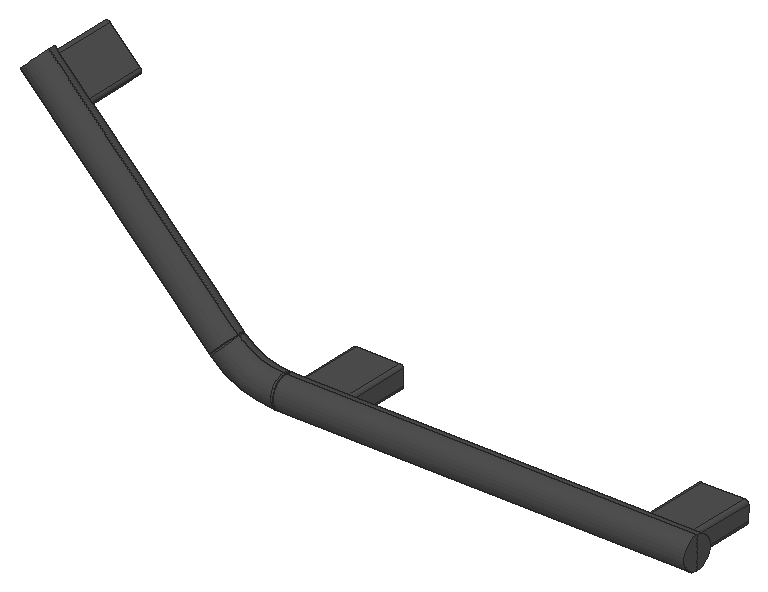
Revit family "Reece_Accessory_Mizu_Drift_Grab Rail_Angled", category Plumbing Fixtures, Revit 2018
Family settings
  Round Connector Dimension = Use Diameter
  Part Type = Normal
  Work Plane-Based = Yes
  Always vertical = Yes
  Cut with Voids When Loaded = Yes
  Shared = Yes
  Room Calculation Point = Yes
Parameters (values of type "Right_Matte Black")
  URL = "https://www.reece.com.au/product/-2218612"
  Type Comments = "Accessory"
  Reece_Right = yes
  Reece_Product_Web Page = "https://www.reece.com.au/product/-2218612"
  Reece_Product_Type = "Accessory"  # constant formula
  Reece_Product_Sub Brand = "Drift"  # constant formula
  Reece_Product_Number = "2218612"
  Reece_Product_Mount = "Wall Mounted"  # constant formula
  Reece_Product_Description = "Mizu Drift Assisted Living Angled Grab Rail Right 260mm x 346mm 135 Degree Matte Black"
  Reece_Product_Brand = "Mizu"  # constant formula
  Reece_Overall_Projection = 91 mm  # constant formula
  Reece_Overall_Length = 672 mm  # constant formula
  Reece_Overall_Height_Right = 240 mm  # constant formula
  Reece_Overall_Height_Left = 241 mm  # constant formula
  Reece_Overall_Diameter = 32 mm  # constant formula
  Reece_Material_Main = Reece_Brass_Matte Black
  Reece_Left = not(Reece_Right)  # no
  Reece_Height_From_Level [instance] = 800 mm
  Reece_Fixing_Points = 191 mm  # constant formula
  Reece_Detail_Shape = ""
  Reece_Detail_Installation = ""
  Reece_Detail_Disclaimer = "THIS FILE IS THE PROPERTY OF THE REECE GROUP. IT MAY NOT BE REPRODUCED, REVERSE-ENGINEERED, OR MODIFIED. ANY REPUBLICATION, TRANSMISSION, OR DISTRIBUTION FOR THE PURPOSE OF COMMERCIALLY EXPLOITING THE FILES IS PROHIBITED."  # constant formula
  Reece_Detail_Connector = ""
  Reece_Detail_Additional = ""
  Model = "Drift"
  Manufacturer = "Mizu"
  Keynote = "Product #2218612, Reece_Accessory_Mizu_Drift_Grab Rail_Angled - Right_Matte Black"
  Disclaimer = "THIS FILE IS THE PROPERTY OF THE REECE GROUP. IT MAY NOT BE REPRODUCED, REVERSE-ENGINEERED, OR MODIFIED. ANY REPUBLICATION, TRANSMISSION, OR DISTRIBUTION FOR THE PURPOSE OF COMMERCIALLY EXPLOITING THE FILES IS PROHIBITED."  # constant formula
  Description = "Mizu Drift Assisted Living Angled Grab Rail Right 260mm x 346mm 135 Degree Matte Black"
  Default Elevation = 0 mm
Types (7, lengths in mm): name | URL | Reece_Right | Reece_Product_Web Page | Reece_Product_Number | Reece_Product_Description | Reece_Material_Main | Reece_Left | Keynote | Description
  (no name) | "https://www.reece.com.au/product/-2265146" | no | "https://www.reece.com.au/product/-2265146" | "2265146" | "Mizu Drift Assisted Living Angled Grab Rail Left 260mm x 346mm 135 Degree Brushed Nickel" | Reece_Brass_Brushed Nickel | yes | "Product #2265146, Reece_Accessory_Mizu_Drift_Grab Rail_Angled -  " | "Mizu Drift Assisted Living Angled Grab Rail Left 260mm x 346mm 135 Degree Brushed Nickel"
  Right_Chrome | "https://www.reece.com.au/product/-2218611" | yes | "https://www.reece.com.au/product/-2218611" | "2218611" | "Mizu Drift Assisted Living Angled Grab Rail Right 260mm x 346mm 135 Degree Chrome Plated" | Reece_Brass_Chrome | no | "Product #2218611, Reece_Accessory_Mizu_Drift_Grab Rail_Angled - Right_Chrome" | "Mizu Drift Assisted Living Angled Grab Rail Right 260mm x 346mm 135 Degree Chrome Plated"
  Right_Matte Black | "https://www.reece.com.au/product/-2218612" | yes | "https://www.reece.com.au/product/-2218612" | "2218612" | "Mizu Drift Assisted Living Angled Grab Rail Right 260mm x 346mm 135 Degree Matte Black" | Reece_Brass_Matte Black | no | "Product #2218612, Reece_Accessory_Mizu_Drift_Grab Rail_Angled - Right_Matte Black" | "Mizu Drift Assisted Living Angled Grab Rail Right 260mm x 346mm 135 Degree Matte Black"
  Left_Chrome | "https://www.reece.com.au/product/-2218613" | no | "https://www.reece.com.au/product/-2218613" | "2218613" | "Mizu Drift Assisted Living Angled Grab Rail Left 260mm x 346mm 135 Degree Chrome Plated" | Reece_Brass_Chrome | yes | "Product #2218613, Reece_Accessory_Mizu_Drift_Grab Rail_Angled - Left_Chrome" | "Mizu Drift Assisted Living Angled Grab Rail Left 260mm x 346mm 135 Degree Chrome Plated"
  Left_Matte Black | "https://www.reece.com.au/product/-2218614" | no | "https://www.reece.com.au/product/-2218614" | "2218614" | "Mizu Drift Assisted Living Angled Grab Rail Left 260mm x 346mm 135 Degree Matte Black" | Reece_Brass_Matte Black | yes | "Product #2218614, Reece_Accessory_Mizu_Drift_Grab Rail_Angled - Left_Matte Black" | "Mizu Drift Assisted Living Angled Grab Rail Left 260mm x 346mm 135 Degree Matte Black"
  Left_Brushed Nickel | "https://www.reece.com.au/product/-2265146" | no | "https://www.reece.com.au/product/-2265146" | "2265146" | "Mizu Drift Assisted Living Angled Grab Rail Left 260mm x 346mm 135 Degree Brushed Nickel" | Reece_Brass_Brushed Nickel | yes | "Product #2265146, Reece_Accessory_Mizu_Drift_Grab Rail_Angled - Left_Brushed Nickel" | "Mizu Drift Assisted Living Angled Grab Rail Left 260mm x 346mm 135 Degree Brushed Nickel"
  Right_Brushed Nickel | "https://www.reece.com.au/product/-2265147" | yes | "https://www.reece.com.au/product/-2265147" | "2265147" | "Mizu Drift Assisted Living Angled Grab Rail Right 260mm x 346mm 135 Degree Brushed Nickel" | Reece_Brass_Brushed Nickel | no | "Product #2265147, Reece_Accessory_Mizu_Drift_Grab Rail_Angled - Right_Brushed Nickel" | "Mizu Drift Assisted Living Angled Grab Rail Right 260mm x 346mm 135 Degree Brushed Nickel"
Reference planes
  plane 1 "Center (Front/Back)": y = 0
  plane 2 "Height From Floor": z = 800
  plane 3 "Center (Left/Right)": x = 0
  plane 4 "Bottom Of Invisible Line": z = -5
  plane 5: y = -91
  plane 6: z = 784
  plane 7: x = -465.958
  plane 8: x = 466
  plane 9: x = -173
  plane 10: x = 173
  plane 11: z = 991
  plane 12: x = -433
  plane 13: x = 433
  plane 14: z = 1024
  plane 15 "Main Rail": y = -74.5
  plane 16: z = 1025
Forms (mm)
  Revolve 1, solid, material "Reece_Brass_Matte Black" <- "Reece_Material_Main"
    sketch origin (-169, -74.5, 0) x (1, 0, 0) y (0, 0, -1)
      loop
        line (375.042, -816) -> (375.042, -800) -> (-37, -800) -> (-37, -816) -> (375.042, -816)
      axis (-37, -800) -> (375.042, -800)
    angle from 0 to 360
  Extrusion 2, solid, material "Reece_Brass_Matte Black" <- "Reece_Material_Main"
    sketch origin (-2198, -75, 1200) x (0, 0, -1) y (-1, 0, 0)
      loop
        line (411.5, -2046.5) -> (411.5, -2003.5)
        arc (411.5, -2003.5) -> (410.475, -2001.025) -> (408, -2000) r 3.5
        line (408, -2000) -> (392, -2000)
        arc (392, -2000) -> (389.525, -2001.025) -> (388.5, -2003.5) r 3.5
        line (388.5, -2003.5) -> (388.5, -2046.5)
        arc (388.5, -2046.5) -> (389.525, -2048.975) -> (392, -2050) r 3.5
        line (392, -2050) -> (408, -2050)
        arc (408, -2050) -> (410.475, -2048.975) -> (411.5, -2046.5) r 3.5
    from 1.5 to 75
  Extrusion 3, solid, material "Reece_Brass_Matte Black" <- "Reece_Material_Main"
    sketch origin (-1849, -75, 1200) x (0, 0, -1) y (-1, 0, 0)
      loop
        line (411.5, -2043.5) -> (411.5, -2000.5)
        arc (411.5, -2000.5) -> (410.475, -1998.025) -> (408, -1997) r 3.5
        line (408, -1997) -> (392, -1997)
        arc (392, -1997) -> (389.525, -1998.025) -> (388.5, -2000.5) r 3.5
        line (388.5, -2000.5) -> (388.5, -2043.5)
        arc (388.5, -2043.5) -> (389.525, -2045.975) -> (392, -2047) r 3.5
        line (392, -2047) -> (408, -2047)
        arc (408, -2047) -> (410.475, -2045.975) -> (411.5, -2043.5) r 3.5
    from 1.5 to 75
  Sweep 4, solid, material "Reece_Brass_Matte Black" <- "Reece_Material_Main", visible <- "Reece_Left"
    path origin (224.542, -74.5, -0.338) x (0.999015, 0, 0.044381) y (0.044381, 0, -0.999015)
      loop
        arc (76.039, -820.848) -> (75.726, -820.564) -> (75.411, -820.283) r 50
        arc (75.411, -820.283) -> (49.082, -804.786) -> (18.863, -800.289) r 80
        line (18.863, -800.289) -> (17.038, -800.37)
    profile origin (263.776, -74.5, 822.779) x (-0.701109, 0, 0.713054) y (0, 1, 0)
      loop
        circle (0, 0) r 16
  Extrusion 5, solid, material "Reece_Brass_Matte Black" <- "Reece_Material_Main", visible <- "Reece_Left"
    sketch origin (1863.304, -75, 2606.151) x (0.707107, 0, -0.707107) y (-0.707107, 0, -0.707107)
      loop
        arc (141.17, 2173.83) -> (140.145, 2176.305) -> (137.67, 2177.33) r 3.5
        line (137.67, 2177.33) -> (121.67, 2177.33)
        arc (121.67, 2177.33) -> (119.195, 2176.305) -> (118.17, 2173.83) r 3.5
        line (118.17, 2173.83) -> (118.17, 2130.83)
        arc (118.17, 2130.83) -> (119.195, 2128.355) -> (121.67, 2127.33) r 3.5
        line (121.67, 2127.33) -> (137.67, 2127.33)
        arc (137.67, 2127.33) -> (140.145, 2128.355) -> (141.17, 2130.83) r 3.5
        line (141.17, 2130.83) -> (141.17, 2173.83)
    from 1.5 to 75
  Sweep 6, solid, material "Reece_Brass_Matte Black" <- "Reece_Material_Main", visible <- "Reece_Right"
    path origin (-225.542, -74.5, -0.338) x (-0.999015, 0, 0.044381) y (0.044381, 0, 0.999015)
      loop
        arc (76.023, 820.865) -> (75.222, 820.148) -> (74.406, 819.449) r 50
        arc (74.406, 819.449) -> (47.996, 804.592) -> (17.995, 800.328) r 82.104
        line (17.995, 800.328) -> (15.997, 800.416)
    profile origin (-237.782, -74.5, 805.592) x (-0.362736, 0, -0.931892) y (0, 1, 0)
      loop
        circle (0, 0) r 16
  Extrusion 7, solid, material "Reece_Brass_Matte Black" <- "Reece_Material_Main", visible <- "Reece_Right"
    sketch origin (-1864.304, -75, 2606.151) x (-0.707107, 0, -0.707107) y (-0.707107, 0, 0.707107)
      loop
        line (141.5, -2173.5) -> (141.5, -2130.5)
        arc (141.5, -2130.5) -> (140.475, -2128.025) -> (138, -2127) r 3.5
        line (138, -2127) -> (122, -2127)
        arc (122, -2127) -> (119.525, -2128.025) -> (118.5, -2130.5) r 3.5
        line (118.5, -2130.5) -> (118.5, -2173.5)
        arc (118.5, -2173.5) -> (119.525, -2175.975) -> (122, -2177) r 3.5
        line (122, -2177) -> (138, -2177)
        arc (138, -2177) -> (140.475, -2175.975) -> (141.5, -2173.5) r 3.5
    from 1.5 to 75
  Revolve 8, solid, material "Reece_Brass_Matte Black" <- "Reece_Material_Main", visible <- "Reece_Right"
    sketch origin (-168, -74.5, 0) x (1, 0, 0) y (0, 0, -1)
      loop
        line (-85.746, -834.407) -> (-97.059, -823.093) -> (-286.644, -1012.678) -> (-275.331, -1023.992) -> (-85.746, -834.407)
      axis (-286.644, -1012.678) -> (-97.059, -823.093)
    angle from 0 to 360
  Revolve 9, solid, material "Reece_Brass_Matte Black" <- "Reece_Material_Main", visible <- "Reece_Left"
    sketch origin (-730.663, -74.5, 691.754) x (-0.707107, 0, -0.707107) y (-0.707107, 0, 0.707107)
      loop
        line (-1065.81, -610.528) -> (-796.246, -610.528) -> (-796.246, -594.528) -> (-1065.81, -594.528) -> (-1065.81, -610.528)
      axis (-1065.81, -610.528) -> (-796.246, -610.528)
    angle from 0 to 360
Cuts and joins
  joined: Revolve 1, Extrusion 2, Extrusion 3
  joined: Extrusion 5, Revolve 9
  joined: Extrusion 7, Revolve 8
Lines and regions (mm)
  model lines, style "InvisibleLines"
    curve 1: line (0, 0, -5) -> (0, 0, 800)
Text (mm)
  text "Reece ©" at (2748.749, -2552.312, 2715.752), in view "Reece Preview"
  text "Reece ©" at (1631.025, -1085.127, -1020.679), in view "Ref. Level"
Dimensions and locks
  locked: level to plane 4 "Bottom Of Invisible Line" at 5
  "Reece_Height_From_Level": plane 2 "Height From Floor" to level
  "Reece_Overall_Projection": plane 5 to plane 1 "Center (Front/Back)"
  locked: plane 6 to plane 2 "Height From Floor" at 16
  equal spacing: plane 10, plane 3 "Center (Left/Right)", plane 9  (x2)
  plane 13 to plane 10 to plane 9 to plane 12 = 260 mm, 346 mm, 260 mm  (x2)
  "Reece_Overall_Height_Right": plane 14 to plane 6
  "Reece_Overall_Projection": plane 1 "Center (Front/Back)" to plane 5
  "Reece_Overall_Length": cut or joined group of Revolve 1, Extrusion 2, Extrusion 3 to plane 7
  "Reece_Fixing_Points": plane 11 to plane 2 "Height From Floor"
  "Reece_Overall_Height_Left": plane 16 to plane 6
  "Reece_Overall_Length": plane 8 to Sweep 6
  plane 16 to plane 2 "Height From Floor" = 225 mm
  aligned and locked: Revolve 1 sketch curve to Revolve 1 sketch curve
  aligned and locked: cut or joined group of Revolve 1, Extrusion 2, Extrusion 3 to Sweep 6 sketch curve
Automatic sketch dimensions
  curve 1 to plane 2 "Height From Floor" = 0 mm
  curve 1 to plane 3 "Center (Left/Right)" = 0 mm
  curve 1 to plane 4 "Bottom Of Invisible Line" = 0 mm
  Revolve 1 sketch curve to plane 2 "Height From Floor" = 0 mm
  plane 2 "Height From Floor" to Revolve 1 sketch curve = 16 mm
  Revolve 1 sketch curve to plane 9 = 33 mm
  Revolve 1 sketch curve to plane 10 = 33.042 mm
  Revolve 1 sketch curve to Revolve 1 sketch curve = 2 mm
  Revolve 1 sketch curve to Revolve 1 sketch curve = 0.958 mm
  plane 2 "Height From Floor" to Extrusion 2 sketch curve = 11.5 mm
  Extrusion 2 sketch curve to Extrusion 2 sketch curve = 3.5 mm  (x3)
  Extrusion 2 sketch curve to plane 2 "Height From Floor" = 8 mm  (x2)
  plane 9 to Extrusion 2 sketch curve = 25 mm
  Extrusion 2 sketch curve to plane 9 = 21.5 mm
  plane 2 "Height From Floor" to Extrusion 3 sketch curve = 11.5 mm
  Extrusion 3 sketch curve to Extrusion 3 sketch curve = 3.5 mm  (x3)
  Extrusion 3 sketch curve to plane 2 "Height From Floor" = 8 mm  (x2)
  Extrusion 3 sketch curve to plane 10 = 25 mm
  plane 10 to Extrusion 3 sketch curve = 21.5 mm
  Sweep 4 sketch curve to plane 2 "Height From Floor" = 0 mm  (x2)
  Sweep 4 sketch curve to plane 10 = 34.869 mm
  Sweep 4 sketch curve to Sweep 4 sketch curve = 3.55 mm
  Sweep 4 sketch curve to Sweep 4 sketch curve = 19.874 mm
  Sweep 4 sketch curve to Sweep 4 sketch curve = 57.449 mm
  Sweep 4 sketch curve to Sweep 4 sketch curve = 22.473 mm
  Sweep 4 sketch curve to Sweep 4 sketch curve = 1.825 mm
  Sweep 4 sketch curve to Sweep 4 sketch curve = 0 mm
  Sweep 4 sketch curve to Sweep 4 sketch curve = 0.628 mm
  Sweep 4 sketch curve to profile plane = 0 mm
  profile plane to Sweep 4 sketch curve = 0 mm
  Extrusion 5 sketch curve to plane 13 = 7.138 mm
  Extrusion 5 sketch curve to plane 14 = 8.132 mm
  Extrusion 5 sketch curve to Extrusion 5 sketch curve = 3.5 mm  (x3)
  Extrusion 5 sketch curve to Extrusion 5 sketch curve = 16 mm  (x2)
  Extrusion 5 sketch curve to Extrusion 5 sketch curve = 43 mm
  Sweep 6 sketch curve to plane 2 "Height From Floor" = 0 mm  (x2)
  Sweep 6 sketch curve to Sweep 6 sketch curve = 1.998 mm
  Sweep 6 sketch curve to Sweep 6 sketch curve = 3.644 mm
  Sweep 6 sketch curve to Sweep 6 sketch curve = 20.633 mm
  Sweep 6 sketch curve to Sweep 6 sketch curve = 57.427 mm
  Sweep 6 sketch curve to Sweep 6 sketch curve = 24.595 mm
  Sweep 6 sketch curve to Sweep 6 sketch curve = 0 mm
  Sweep 6 sketch curve to Sweep 6 sketch curve = 1.617 mm
  Sweep 6 sketch curve to profile plane = 0 mm
  profile plane to Sweep 6 sketch curve = 0 mm
  Extrusion 7 sketch curve to plane 14 = 8.132 mm
  Extrusion 7 sketch curve to plane 12 = 8.605 mm
  Extrusion 7 sketch curve to Extrusion 7 sketch curve = 3.5 mm  (x3)
  Extrusion 7 sketch curve to Extrusion 7 sketch curve = 16 mm  (x2)
  Extrusion 7 sketch curve to Extrusion 7 sketch curve = 43 mm
  plane 7 to Revolve 8 sketch curve = 11.314 mm
  Revolve 8 sketch curve to plane 14 = 0.008 mm
  Revolve 8 sketch curve to plane 12 = 10.331 mm
  plane 2 "Height From Floor" to Revolve 8 sketch curve = 23.093 mm  (x2)
  Revolve 8 sketch curve to plane 9 = 92.059 mm
  plane 7 to Revolve 8 sketch curve = 2.475 mm
  Revolve 8 sketch curve to Revolve 8 sketch curve = 0 mm
  Revolve 8 sketch curve to plane 14 = 2.483 mm
  Revolve 9 sketch curve to plane 16 = 0 mm
  Revolve 9 sketch curve to plane 13 = 10.373 mm
  Revolve 9 sketch curve to Revolve 9 sketch curve = 269.563 mm
  Revolve 9 sketch curve to Revolve 9 sketch curve = 16 mm
  Revolve 9 sketch curve to Revolve 9 sketch curve = 55 mm
  Revolve 9 sketch curve to Revolve 9 sketch curve = 95.437 mm
  Revolve 9 sketch curve to Revolve 9 sketch curve = 0 mm
  radius of Sweep 4 sketch curve = 16 mm
  radius of Sweep 6 sketch curve = 16 mm
